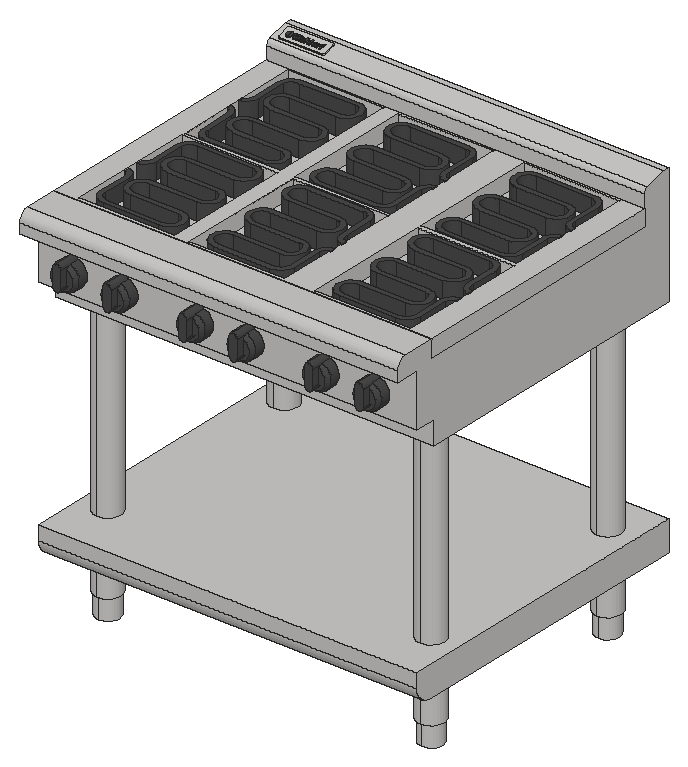
Revit family "QF_MOFFAT WALDORF_RNL8600E-LS", category Specialty Equipment, Revit 2012
Parameters
  Weight in Pounds = 297.6237
  Watts = 14400 W
  Volts = 415 V
  URL Cutsheet = "www.moffat.com"
  URL = "www.moffat.com"
  Type Mark [instance] = ""
  Status [instance] = ""
  Specification by User [instance] = ""
  Specification by Manufacturer = ""
  Show Logo [instance] = yes
  Show Casters [instance] = no
  Serial Number = ""
  Seismic Rating = ""
  SMACNA No = ""
  Revision Code [instance] = ""
  Phase = 3
  Omniclass Number and Title = ""
  Number of Poles = 1
  NAFEM Spec ID Number = ""
  Model = "RNL8600E-LS"
  Min Ckt Ampacity = 0 A
  Max Overcurrent Protection = 0 A
  Masterspec = ""
  Manufacturer = "MOFFAT WALDORF"
  Legs [instance] = not(Show Casters)  # yes
  Item Number [instance] = ""
  Installed By [instance] = ""
  Identify Quantity as Lot [instance] = yes
  HP = ""
  Furnished By [instance] = ""
  Foodservice Equipment Identifier [instance] = yes
  FL Amps = 20 A
  Elec Conn RI Height = 0.0 mm
  Elec Conn Connection Height = 0.0 mm
  Description = "COOK TOP LOW SPLASHBACK ELECTRIC ON LEG STAND"
  Cycle = 50 Hz
  Conn Plug = ""
  Conn Conduit = yes
  CSI MasterFormat = ""
  CSI Master Format = ""
  Base Height [instance] = 150.0 mm
  Apparent Power = if(Phase = 3, Volts * FL Amps * 1.73, Volts * FL Amps)  # 14359 VA
Reference planes
  plane 1 "BACK": y = 0
  plane 2: z = 0
  plane 3 "LEFT": x = 0
  plane 4 "RIGHT": x = 900
  plane 5 "FRONT": y = -805
  plane 6 "TOP": z = 970
  plane 7 "Center Y": x = 450
  plane 8 "Center X": y = -402.5
  plane 9 "Base Height": z = 150
  plane 10: z = 915
  plane 11: x = 65.8
Forms (mm)
  Extrusion 1, solid, material "QF_Finishes_Stainless Steel"
    sketch origin (0, 0, 0) x (0, 1, 0) y (0, 0, 1)
      loop
        line (-805, 891) -> (-805, 866) -> (-749, 866) -> (-749, 740) -> (-699, 740) -> (-699, 685) -> (0, 685) -> (0, 970) -> (-15, 970) -> (-61.106, 957.646)
        arc (-61.106, 957.646) -> (-67.52, 953.36) -> (-70, 946.055) r 12
        line (-70, 946.055) -> (-70, 875) -> (-705, 875) -> (-705, 915) -> (-781, 915)
        arc (-781, 915) -> (-797.971, 907.971) -> (-805, 891) r 24
      loop
        line (0, 222.5) -> (-749, 222.5) -> (-749, 188)
        arc (-749, 188) -> (-737.87, 161.13) -> (-711, 150) r 38
        line (-711, 150) -> (0, 150) -> (0, 222.5)
    from 0 to 900
  Revolve 2, solid, material "QF_Finishes_Black"
    sketch origin (210, 0, 759.877) x (0, -1, 0) y (0, 0, 1)
      loop
        line (782, 69.605) -> (759, 69.605) -> (759, 42.105) -> (749, 42.105) -> (749, 37.105) -> (793, 37.105) -> (793, 63.757) -> (782, 69.605)
      axis (793, 37.105) -> (749, 37.105)
    angle from 0 to 360
  Extrusion 3, solid, material "QF_Finishes_Black"
    sketch origin (-78.431, 0, 655.88) x (1, 0, 0) y (0, 0, 1)
      loop
        line (298.431, 129) -> (298.431, 167.997)
        arc (298.431, 167.997) -> (288.431, 177.997) -> (278.431, 167.997) r 10
        line (278.431, 167.997) -> (278.431, 129)
        arc (278.431, 129) -> (288.431, 119) -> (298.431, 129) r 10
    from 759 to 808
  Extrusion 4, void
    sketch origin (705, 3, 100) x (1, 0, 0) y (0, 1, 0)
      loop
        circle (65, -35) r 13.5
    from 610 to 570
  Revolve 5, solid, material "QF_Finishes_Black"
    sketch origin (89.999, 0, 759.75) x (0, 1, 0) y (0, 0, -1)
      loop
        line (-782, -69.5) -> (-759, -69.5) -> (-759, -42) -> (-749, -42) -> (-749, -37) -> (-793, -37) -> (-793, -63.651) -> (-782, -69.5)
      axis (-793, -37) -> (-749, -37)
    angle from 0 to 360
  Extrusion 6, solid, material "QF_Finishes_Black"
    sketch origin (228.269, 0, 759.908) x (-1, 0, 0) y (0, 0, -1)
      loop
        arc (148.269, -24.969) -> (138.269, -14.969) -> (128.269, -24.969) r 10
        line (128.269, -24.969) -> (128.269, -63.969)
        arc (128.269, -63.969) -> (138.269, -73.969) -> (148.269, -63.969) r 10
        line (148.269, -63.969) -> (148.269, -24.969)
    from 759 to 808
  Revolve 7, solid, material "QF_Finishes_Black"
    sketch origin (510, 0, 759.877) x (0, -1, 0) y (0, 0, 1)
      loop
        line (782, 69.605) -> (759, 69.605) -> (759, 42.105) -> (749, 42.105) -> (749, 37.105) -> (793, 37.105) -> (793, 63.757) -> (782, 69.605)
      axis (793, 37.105) -> (749, 37.105)
    angle from 0 to 360
  Extrusion 8, solid, material "QF_Finishes_Black"
    sketch origin (371.569, 0, 655.88) x (1, 0, 0) y (0, 0, 1)
      loop
        line (148.431, 129) -> (148.431, 167.997)
        arc (148.431, 167.997) -> (138.431, 177.997) -> (128.431, 167.997) r 10
        line (128.431, 167.997) -> (128.431, 129)
        arc (128.431, 129) -> (138.431, 119) -> (148.431, 129) r 10
    from 759 to 808
  Revolve 9, solid, material "QF_Finishes_Black"
    sketch origin (389.999, 0, 759.75) x (0, 1, 0) y (0, 0, -1)
      loop
        line (-782, -69.5) -> (-759, -69.5) -> (-759, -42) -> (-749, -42) -> (-749, -37) -> (-793, -37) -> (-793, -63.651) -> (-782, -69.5)
      axis (-793, -37) -> (-749, -37)
    angle from 0 to 360
  Extrusion 10, solid, material "QF_Finishes_Black"
    sketch origin (378.269, 0, 759.908) x (-1, 0, 0) y (0, 0, -1)
      loop
        arc (-1.731, -24.969) -> (-11.731, -14.969) -> (-21.731, -24.969) r 10
        line (-21.731, -24.969) -> (-21.731, -63.969)
        arc (-21.731, -63.969) -> (-11.731, -73.969) -> (-1.731, -63.969) r 10
        line (-1.731, -63.969) -> (-1.731, -24.969)
    from 759 to 808
  Revolve 11, solid, material "QF_Finishes_Black"
    sketch origin (810, 0, 759.877) x (0, -1, 0) y (0, 0, 1)
      loop
        line (782, 69.605) -> (759, 69.605) -> (759, 42.105) -> (749, 42.105) -> (749, 37.105) -> (793, 37.105) -> (793, 63.757) -> (782, 69.605)
      axis (793, 37.105) -> (749, 37.105)
    angle from 0 to 360
  Extrusion 12, solid, material "QF_Finishes_Black"
    sketch origin (671.569, 0, 655.88) x (1, 0, 0) y (0, 0, 1)
      loop
        line (148.431, 129) -> (148.431, 167.997)
        arc (148.431, 167.997) -> (138.431, 177.997) -> (128.431, 167.997) r 10
        line (128.431, 167.997) -> (128.431, 129)
        arc (128.431, 129) -> (138.431, 119) -> (148.431, 129) r 10
    from 759 to 808
  Revolve 13, solid, material "QF_Finishes_Black"
    sketch origin (689.999, 0, 759.75) x (0, 1, 0) y (0, 0, -1)
      loop
        line (-782, -69.5) -> (-759, -69.5) -> (-759, -42) -> (-749, -42) -> (-749, -37) -> (-793, -37) -> (-793, -63.651) -> (-782, -69.5)
      axis (-793, -37) -> (-749, -37)
    angle from 0 to 360
  Extrusion 14, solid, material "QF_Finishes_Black"
    sketch origin (678.269, 0, 759.908) x (-1, 0, 0) y (0, 0, -1)
      loop
        arc (-1.731, -24.969) -> (-11.731, -14.969) -> (-21.731, -24.969) r 10
        line (-21.731, -24.969) -> (-21.731, -63.969)
        arc (-21.731, -63.969) -> (-11.731, -73.969) -> (-1.731, -63.969) r 10
        line (-1.731, -63.969) -> (-1.731, -24.969)
    from 759 to 808
  Extrusion 15, solid, material "QF_Finishes_Stainless Steel"
    sketch origin (0, -77.318, 875) x (0, -1, 0) y (1, 0, 0)
      loop
        line (-6.318, 0) -> (627.682, 0) -> (627.682, 900) -> (-6.318, 900) -> (-6.318, 0)
      loop
        line (620.932, 54) -> (620.932, 282.75) -> (313.982, 282.75) -> (313.982, 54) -> (620.932, 54)
      loop
        line (-0.568, 54) -> (306.382, 54) -> (306.382, 282.75) -> (-0.568, 282.75) -> (-0.568, 54)
      loop
        line (-0.568, 317.25) -> (306.382, 317.25) -> (306.382, 546) -> (-0.568, 546) -> (-0.568, 317.25)
      loop
        line (620.932, 317.25) -> (620.932, 546) -> (313.982, 546) -> (313.982, 317.25) -> (620.932, 317.25)
      loop
        line (620.932, 846) -> (313.982, 846) -> (313.982, 617.25) -> (620.932, 617.25) -> (620.932, 846)
      loop
        line (-0.568, 846) -> (-0.568, 617.25) -> (306.382, 617.25) -> (306.382, 846) -> (-0.568, 846)
    from 0 to 40
  Extrusion 16, solid, material "QF_Finishes_Black"
    sketch origin (0, -77.318, 875) x (0, -1, 0) y (1, 0, 0)
      loop
        arc (13.186, 102.138) -> (21.947, 78.692) -> (44.714, 68.293) r 32.731
        line (44.714, 68.293) -> (115.973, 68.293)
        arc (115.973, 68.293) -> (127.597, 64.189) -> (134.535, 54) r 19.786
        line (134.535, 54) -> (146.838, 54)
        arc (146.838, 54) -> (136.19, 72.673) -> (116.093, 80.3) r 31.79
        line (116.093, 80.3) -> (44.955, 80.3)
        arc (44.955, 80.3) -> (30.607, 87.003) -> (25.182, 101.881) r 20.722
        line (25.182, 101.881) -> (25.182, 234.6)
        arc (25.182, 234.6) -> (46.882, 256.3) -> (68.582, 234.6) r 21.7
        line (68.582, 234.6) -> (68.582, 122)
        arc (68.582, 122) -> (102.282, 88.3) -> (135.982, 122) r 33.7
        line (135.982, 122) -> (135.982, 234.6)
        arc (135.982, 234.6) -> (157.682, 256.3) -> (179.382, 234.6) r 21.7
        line (179.382, 234.6) -> (179.382, 122)
        arc (179.382, 122) -> (213.082, 88.3) -> (246.782, 122) r 33.7
        line (246.782, 122) -> (246.782, 234.6)
        arc (246.782, 234.6) -> (268.482, 256.3) -> (290.182, 234.6) r 21.7
        line (290.182, 234.6) -> (290.182, 101.881)
        arc (290.182, 101.881) -> (284.758, 87.003) -> (270.41, 80.3) r 20.722
        line (270.41, 80.3) -> (199.266, 80.3)
        arc (199.266, 80.3) -> (179.15, 72.659) -> (168.432, 54) r 31.973
        line (168.432, 54) -> (180.746, 54)
        arc (180.746, 54) -> (187.746, 64.184) -> (199.399, 68.3) r 19.973
        line (199.399, 68.3) -> (270.649, 68.3)
        arc (270.649, 68.3) -> (293.407, 78.682) -> (302.182, 102.106) r 32.722
        line (302.182, 102.106) -> (302.182, 234.6)
        arc (302.182, 234.6) -> (268.482, 268.3) -> (234.782, 234.6) r 33.7
        line (234.782, 234.6) -> (234.782, 122)
        arc (234.782, 122) -> (213.082, 100.3) -> (191.382, 122) r 21.7
        line (191.382, 122) -> (191.382, 234.6)
        arc (191.382, 234.6) -> (157.682, 268.3) -> (123.982, 234.6) r 33.7
        line (123.982, 234.6) -> (123.982, 122)
        arc (123.982, 122) -> (102.282, 100.3) -> (80.582, 122) r 21.7
        line (80.582, 122) -> (80.582, 234.6)
        arc (80.582, 234.6) -> (46.884, 268.298) -> (13.186, 234.6) r 33.698
        line (13.186, 234.6) -> (13.186, 102.138)
      loop
        arc (318.186, 102.138) -> (326.947, 78.692) -> (349.714, 68.293) r 32.731
        line (349.714, 68.293) -> (420.973, 68.293)
        arc (420.973, 68.293) -> (432.597, 64.189) -> (439.535, 54) r 19.786
        line (439.535, 54) -> (451.838, 54)
        arc (451.838, 54) -> (441.19, 72.673) -> (421.093, 80.3) r 31.79
        line (421.093, 80.3) -> (349.955, 80.3)
        arc (349.955, 80.3) -> (335.607, 87.003) -> (330.182, 101.881) r 20.722
        line (330.182, 101.881) -> (330.182, 234.6)
        arc (330.182, 234.6) -> (351.882, 256.3) -> (373.582, 234.6) r 21.7
        line (373.582, 234.6) -> (373.582, 122)
        arc (373.582, 122) -> (407.282, 88.3) -> (440.982, 122) r 33.7
        line (440.982, 122) -> (440.982, 234.6)
        arc (440.982, 234.6) -> (462.682, 256.3) -> (484.382, 234.6) r 21.7
        line (484.382, 234.6) -> (484.382, 122)
        arc (484.382, 122) -> (518.082, 88.3) -> (551.782, 122) r 33.7
        line (551.782, 122) -> (551.782, 234.6)
        arc (551.782, 234.6) -> (573.482, 256.3) -> (595.182, 234.6) r 21.7
        line (595.182, 234.6) -> (595.182, 101.881)
        arc (595.182, 101.881) -> (589.758, 87.003) -> (575.41, 80.3) r 20.722
        line (575.41, 80.3) -> (504.266, 80.3)
        arc (504.266, 80.3) -> (484.15, 72.659) -> (473.432, 54) r 31.973
        line (473.432, 54) -> (485.746, 54)
        arc (485.746, 54) -> (492.746, 64.184) -> (504.399, 68.3) r 19.973
        line (504.399, 68.3) -> (575.649, 68.3)
        arc (575.649, 68.3) -> (598.407, 78.682) -> (607.182, 102.106) r 32.722
        line (607.182, 102.106) -> (607.182, 234.6)
        arc (607.182, 234.6) -> (573.482, 268.3) -> (539.782, 234.6) r 33.7
        line (539.782, 234.6) -> (539.782, 122)
        arc (539.782, 122) -> (518.082, 100.3) -> (496.382, 122) r 21.7
        line (496.382, 122) -> (496.382, 234.6)
        arc (496.382, 234.6) -> (462.682, 268.3) -> (428.982, 234.6) r 33.7
        line (428.982, 234.6) -> (428.982, 122)
        arc (428.982, 122) -> (407.282, 100.3) -> (385.582, 122) r 21.7
        line (385.582, 122) -> (385.582, 234.6)
        arc (385.582, 234.6) -> (351.884, 268.298) -> (318.186, 234.6) r 33.698
        line (318.186, 234.6) -> (318.186, 102.138)
      loop
        line (13.186, 497.862) -> (13.186, 365.4)
        arc (13.186, 365.4) -> (46.884, 331.702) -> (80.582, 365.4) r 33.698
        line (80.582, 365.4) -> (80.582, 478)
        arc (80.582, 478) -> (102.282, 499.7) -> (123.982, 478) r 21.7
        line (123.982, 478) -> (123.982, 365.4)
        arc (123.982, 365.4) -> (157.682, 331.7) -> (191.382, 365.4) r 33.7
        line (191.382, 365.4) -> (191.382, 478)
        arc (191.382, 478) -> (213.082, 499.7) -> (234.782, 478) r 21.7
        line (234.782, 478) -> (234.782, 365.4)
        arc (234.782, 365.4) -> (268.482, 331.7) -> (302.182, 365.4) r 33.7
        line (302.182, 365.4) -> (302.182, 497.894)
        arc (302.182, 497.894) -> (293.407, 521.318) -> (270.649, 531.7) r 32.722
        line (270.649, 531.7) -> (199.399, 531.7)
        arc (199.399, 531.7) -> (187.746, 535.816) -> (180.746, 546) r 19.973
        line (180.746, 546) -> (168.432, 546)
        arc (168.432, 546) -> (179.15, 527.341) -> (199.266, 519.7) r 31.973
        line (199.266, 519.7) -> (270.41, 519.7)
        arc (270.41, 519.7) -> (284.758, 512.997) -> (290.182, 498.119) r 20.722
        line (290.182, 498.119) -> (290.182, 365.4)
        arc (290.182, 365.4) -> (268.482, 343.7) -> (246.782, 365.4) r 21.7
        line (246.782, 365.4) -> (246.782, 478)
        arc (246.782, 478) -> (213.082, 511.7) -> (179.382, 478) r 33.7
        line (179.382, 478) -> (179.382, 365.4)
        arc (179.382, 365.4) -> (157.682, 343.7) -> (135.982, 365.4) r 21.7
        line (135.982, 365.4) -> (135.982, 478)
        arc (135.982, 478) -> (102.282, 511.7) -> (68.582, 478) r 33.7
        line (68.582, 478) -> (68.582, 365.4)
        arc (68.582, 365.4) -> (46.882, 343.7) -> (25.182, 365.4) r 21.7
        line (25.182, 365.4) -> (25.182, 498.119)
        arc (25.182, 498.119) -> (30.607, 512.997) -> (44.955, 519.7) r 20.722
        line (44.955, 519.7) -> (116.093, 519.7)
        arc (116.093, 519.7) -> (136.19, 527.327) -> (146.838, 546) r 31.79
        line (146.838, 546) -> (134.535, 546)
        arc (134.535, 546) -> (127.597, 535.811) -> (115.973, 531.707) r 19.786
        line (115.973, 531.707) -> (44.714, 531.707)
        arc (44.714, 531.707) -> (21.947, 521.308) -> (13.186, 497.862) r 32.731
      loop
        line (318.186, 497.862) -> (318.186, 365.4)
        arc (318.186, 365.4) -> (351.884, 331.702) -> (385.582, 365.4) r 33.698
        line (385.582, 365.4) -> (385.582, 478)
        arc (385.582, 478) -> (407.282, 499.7) -> (428.982, 478) r 21.7
        line (428.982, 478) -> (428.982, 365.4)
        arc (428.982, 365.4) -> (462.682, 331.7) -> (496.382, 365.4) r 33.7
        line (496.382, 365.4) -> (496.382, 478)
        arc (496.382, 478) -> (518.082, 499.7) -> (539.782, 478) r 21.7
        line (539.782, 478) -> (539.782, 365.4)
        arc (539.782, 365.4) -> (573.482, 331.7) -> (607.182, 365.4) r 33.7
        line (607.182, 365.4) -> (607.182, 497.894)
        arc (607.182, 497.894) -> (598.407, 521.318) -> (575.649, 531.7) r 32.722
        line (575.649, 531.7) -> (504.399, 531.7)
        arc (504.399, 531.7) -> (492.746, 535.816) -> (485.746, 546) r 19.973
        line (485.746, 546) -> (473.432, 546)
        arc (473.432, 546) -> (484.15, 527.341) -> (504.266, 519.7) r 31.973
        line (504.266, 519.7) -> (575.41, 519.7)
        arc (575.41, 519.7) -> (589.758, 512.997) -> (595.182, 498.119) r 20.722
        line (595.182, 498.119) -> (595.182, 365.4)
        arc (595.182, 365.4) -> (573.482, 343.7) -> (551.782, 365.4) r 21.7
        line (551.782, 365.4) -> (551.782, 478)
        arc (551.782, 478) -> (518.082, 511.7) -> (484.382, 478) r 33.7
        line (484.382, 478) -> (484.382, 365.4)
        arc (484.382, 365.4) -> (462.682, 343.7) -> (440.982, 365.4) r 21.7
        line (440.982, 365.4) -> (440.982, 478)
        arc (440.982, 478) -> (407.282, 511.7) -> (373.582, 478) r 33.7
        line (373.582, 478) -> (373.582, 365.4)
        arc (373.582, 365.4) -> (351.882, 343.7) -> (330.182, 365.4) r 21.7
        line (330.182, 365.4) -> (330.182, 498.119)
        arc (330.182, 498.119) -> (335.607, 512.997) -> (349.955, 519.7) r 20.722
        line (349.955, 519.7) -> (421.093, 519.7)
        arc (421.093, 519.7) -> (441.19, 527.327) -> (451.838, 546) r 31.79
        line (451.838, 546) -> (439.535, 546)
        arc (439.535, 546) -> (432.597, 535.811) -> (420.973, 531.707) r 19.786
        line (420.973, 531.707) -> (349.714, 531.707)
        arc (349.714, 531.707) -> (326.947, 521.308) -> (318.186, 497.862) r 32.731
      loop
        line (13.186, 797.862) -> (13.186, 665.4)
        arc (13.186, 665.4) -> (46.884, 631.702) -> (80.582, 665.4) r 33.698
        line (80.582, 665.4) -> (80.582, 778)
        arc (80.582, 778) -> (102.282, 799.7) -> (123.982, 778) r 21.7
        line (123.982, 778) -> (123.982, 665.4)
        arc (123.982, 665.4) -> (157.682, 631.7) -> (191.382, 665.4) r 33.7
        line (191.382, 665.4) -> (191.382, 778)
        arc (191.382, 778) -> (213.082, 799.7) -> (234.782, 778) r 21.7
        line (234.782, 778) -> (234.782, 665.4)
        arc (234.782, 665.4) -> (268.482, 631.7) -> (302.182, 665.4) r 33.7
        line (302.182, 665.4) -> (302.182, 797.894)
        arc (302.182, 797.894) -> (293.407, 821.318) -> (270.649, 831.7) r 32.722
        line (270.649, 831.7) -> (199.399, 831.7)
        arc (199.399, 831.7) -> (187.746, 835.816) -> (180.746, 846) r 19.973
        line (180.746, 846) -> (168.432, 846)
        arc (168.432, 846) -> (179.15, 827.341) -> (199.266, 819.7) r 31.973
        line (199.266, 819.7) -> (270.41, 819.7)
        arc (270.41, 819.7) -> (284.758, 812.997) -> (290.182, 798.119) r 20.722
        line (290.182, 798.119) -> (290.182, 665.4)
        arc (290.182, 665.4) -> (268.482, 643.7) -> (246.782, 665.4) r 21.7
        line (246.782, 665.4) -> (246.782, 778)
        arc (246.782, 778) -> (213.082, 811.7) -> (179.382, 778) r 33.7
        line (179.382, 778) -> (179.382, 665.4)
        arc (179.382, 665.4) -> (157.682, 643.7) -> (135.982, 665.4) r 21.7
        line (135.982, 665.4) -> (135.982, 778)
        arc (135.982, 778) -> (102.282, 811.7) -> (68.582, 778) r 33.7
        line (68.582, 778) -> (68.582, 665.4)
        arc (68.582, 665.4) -> (46.882, 643.7) -> (25.182, 665.4) r 21.7
        line (25.182, 665.4) -> (25.182, 798.119)
        arc (25.182, 798.119) -> (30.607, 812.997) -> (44.955, 819.7) r 20.722
        line (44.955, 819.7) -> (116.093, 819.7)
        arc (116.093, 819.7) -> (136.19, 827.327) -> (146.838, 846) r 31.79
        line (146.838, 846) -> (134.535, 846)
        arc (134.535, 846) -> (127.597, 835.811) -> (115.973, 831.707) r 19.786
        line (115.973, 831.707) -> (44.714, 831.707)
        arc (44.714, 831.707) -> (21.947, 821.308) -> (13.186, 797.862) r 32.731
      loop
        line (318.186, 797.862) -> (318.186, 665.4)
        arc (318.186, 665.4) -> (351.884, 631.702) -> (385.582, 665.4) r 33.698
        line (385.582, 665.4) -> (385.582, 778)
        arc (385.582, 778) -> (407.282, 799.7) -> (428.982, 778) r 21.7
        line (428.982, 778) -> (428.982, 665.4)
        arc (428.982, 665.4) -> (462.682, 631.7) -> (496.382, 665.4) r 33.7
        line (496.382, 665.4) -> (496.382, 778)
        arc (496.382, 778) -> (518.082, 799.7) -> (539.782, 778) r 21.7
        line (539.782, 778) -> (539.782, 665.4)
        arc (539.782, 665.4) -> (573.482, 631.7) -> (607.182, 665.4) r 33.7
        line (607.182, 665.4) -> (607.182, 797.894)
        arc (607.182, 797.894) -> (598.407, 821.318) -> (575.649, 831.7) r 32.722
        line (575.649, 831.7) -> (504.399, 831.7)
        arc (504.399, 831.7) -> (492.746, 835.816) -> (485.746, 846) r 19.973
        line (485.746, 846) -> (473.432, 846)
        arc (473.432, 846) -> (484.15, 827.341) -> (504.266, 819.7) r 31.973
        line (504.266, 819.7) -> (575.41, 819.7)
        arc (575.41, 819.7) -> (589.758, 812.997) -> (595.182, 798.119) r 20.722
        line (595.182, 798.119) -> (595.182, 665.4)
        arc (595.182, 665.4) -> (573.482, 643.7) -> (551.782, 665.4) r 21.7
        line (551.782, 665.4) -> (551.782, 778)
        arc (551.782, 778) -> (518.082, 811.7) -> (484.382, 778) r 33.7
        line (484.382, 778) -> (484.382, 665.4)
        arc (484.382, 665.4) -> (462.682, 643.7) -> (440.982, 665.4) r 21.7
        line (440.982, 665.4) -> (440.982, 778)
        arc (440.982, 778) -> (407.282, 811.7) -> (373.582, 778) r 33.7
        line (373.582, 778) -> (373.582, 665.4)
        arc (373.582, 665.4) -> (351.882, 643.7) -> (330.182, 665.4) r 21.7
        line (330.182, 665.4) -> (330.182, 798.119)
        arc (330.182, 798.119) -> (335.607, 812.997) -> (349.955, 819.7) r 20.722
        line (349.955, 819.7) -> (421.093, 819.7)
        arc (421.093, 819.7) -> (441.19, 827.327) -> (451.838, 846) r 31.79
        line (451.838, 846) -> (439.535, 846)
        arc (439.535, 846) -> (432.597, 835.811) -> (420.973, 831.707) r 19.786
        line (420.973, 831.707) -> (349.714, 831.707)
        arc (349.714, 831.707) -> (326.947, 821.308) -> (318.186, 797.862) r 32.731
    from 0 to 40
  Revolve 17, solid, material "QF_Finishes_Stainless Steel", visible <- "Legs"
    sketch origin (65, -165, 0) x (0, 1, 0) y (0, 0, 1)
      loop
        line (33.25, 150) -> (33.25, 50) -> (37.5, 50) -> (37.5, 0) -> (65, 0) -> (65, 150) -> (33.25, 150)
      axis (65, 150) -> (65, 0)
    angle from 0 to 360
  Revolve 18, solid, material "QF_Finishes_Stainless Steel"
    sketch origin (65, -735, 0) x (0, 1, 0) y (0, 0, 1)
      loop
        line (78.25, 150) -> (78.25, 50) -> (82.5, 50) -> (82.5, 0) -> (110, 0) -> (110, 150) -> (78.25, 150)
      axis (110, 150) -> (110, 0)
    angle from 0 to 360
  Revolve 19, solid, material "QF_Finishes_Stainless Steel", visible <- "Legs"
    sketch origin (835, -165, 0) x (0, 1, 0) y (0, 0, -1)
      loop
        line (33.25, -150) -> (65, -150) -> (65, 0) -> (37.5, 0) -> (37.5, -50) -> (33.25, -50) -> (33.25, -150)
      axis (65, -150) -> (65, 0)
    angle from 0 to 360
  Revolve 20, solid, material "QF_Finishes_Stainless Steel"
    sketch origin (835, -735, 0) x (0, 1, 0) y (0, 0, -1)
      loop
        line (78.25, -150) -> (110, -150) -> (110, 0) -> (82.5, 0) -> (82.5, -50) -> (78.25, -50) -> (78.25, -150)
      axis (110, -150) -> (110, 0)
    angle from 0 to 360
  Extrusion 21, solid, material "QF_Finishes_Stainless Steel"
    sketch origin (0, 0, 222.5) x (0, -1, 0) y (1, 0, 0)
      loop
        circle (100, 65) r 31.75
      loop
        circle (100, 835) r 31.75
      loop
        circle (625, 65) r 31.75
      loop
        circle (625, 835) r 31.75
    from 0 to 462.5
Cuts and joins
  Extrusion 4 cuts Extrusion 1
Lines and regions (mm)
  Split face 1
    outline origin (49.063, -19.972, 968.668) x (0, -0.965926, -0.258819) y (1, 0, 0)
      loop
        line (0.03, 105.5) -> (33.432, 105.5) -> (33.432, 125.5) -> (0.03, 125.5) -> (0.03, 105.5)
  Split face 2
    outline origin (99.063, -19.972, 968.668) x (0, -0.965926, -0.258819) y (1, 0, 0)
      loop
        line (0.03, 105.5) -> (33.432, 105.5) -> (33.432, 125.5) -> (0.03, 125.5) -> (0.03, 105.5)
  Split face 3
    outline origin (149.063, -19.972, 968.668) x (0, -0.965926, -0.258819) y (1, 0, 0)
      loop
        line (0.03, 105.5) -> (33.432, 105.5) -> (33.432, 125.5) -> (0.03, 125.5) -> (0.03, 105.5)
  Split face 4
    outline origin (199.063, -19.972, 968.668) x (0, -0.965926, -0.258819) y (1, 0, 0)
      loop
        line (0.03, 105.5) -> (33.432, 105.5) -> (33.432, 125.5) -> (0.03, 125.5) -> (0.03, 105.5)
  Split face 5
    outline origin (249.063, -19.972, 968.668) x (0, -0.965926, -0.258819) y (1, 0, 0)
      loop
        line (0.03, 105.5) -> (33.432, 105.5) -> (33.432, 125.5) -> (0.03, 125.5) -> (0.03, 105.5)
  Split face 6
    outline origin (299.063, -19.972, 968.668) x (0, -0.965926, -0.258819) y (1, 0, 0)
      loop
        line (0.03, 105.5) -> (33.432, 105.5) -> (33.432, 125.5) -> (0.03, 125.5) -> (0.03, 105.5)
  Split face 7
    outline origin (349.063, -19.972, 968.668) x (0, -0.965926, -0.258819) y (1, 0, 0)
      loop
        line (0.03, 105.5) -> (33.432, 105.5) -> (33.432, 125.5) -> (0.03, 125.5) -> (0.03, 105.5)
  Split face 8
    outline origin (399.062, -19.972, 968.668) x (0, -0.965926, -0.258819) y (1, 0, 0)
      loop
        line (0.03, 105.5) -> (33.432, 105.5) -> (33.432, 125.5) -> (0.03, 125.5) -> (0.03, 105.5)
  Split face 9
    outline origin (449.062, -19.972, 968.668) x (0, -0.965926, -0.258819) y (1, 0, 0)
      loop
        line (0.03, 105.5) -> (33.432, 105.5) -> (33.432, 125.5) -> (0.03, 125.5) -> (0.03, 105.5)
  Split face 10
    outline origin (499.063, -19.972, 968.668) x (0, -0.965926, -0.258819) y (1, 0, 0)
      loop
        line (0.03, 105.5) -> (33.432, 105.5) -> (33.432, 125.5) -> (0.03, 125.5) -> (0.03, 105.5)
  Split face 11
    outline origin (549.062, -19.972, 968.668) x (0, -0.965926, -0.258819) y (1, 0, 0)
      loop
        line (0.03, 105.5) -> (33.432, 105.5) -> (33.432, 125.5) -> (0.03, 125.5) -> (0.03, 105.5)
  Split face 12
    outline origin (599.062, -19.972, 968.668) x (0, -0.965926, -0.258819) y (1, 0, 0)
      loop
        line (0.03, 105.5) -> (33.432, 105.5) -> (33.432, 125.5) -> (0.03, 125.5) -> (0.03, 105.5)
  symbolic lines, visible <- "Show Logo"
    curve 1: line (12.5, -52.06, 0) -> (12.5, -21.099, 0)
    curve 2: line (121.5, -21.099, 0) -> (121.5, -52.06, 0)
    curve 3: line (12.5, -21.099, 0) -> (121.5, -21.099, 0)
    curve 4: line (12.5, -52.06, 0) -> (121.5, -52.06, 0)
  symbolic lines
    curve 5: line (154.563, -50.782, 0) -> (154.563, -20.984, 0)
    curve 6: line (154.563, -20.984, 0) -> (174.562, -20.984, 0)
    curve 7: line (174.562, -20.984, 0) -> (174.562, -50.782, 0)
    curve 8: line (174.562, -50.782, 0) -> (154.563, -50.782, 0)
    curve 9: line (204.563, -20.984, 0) -> (204.563, -50.782, 0)
    curve 10: line (204.563, -50.782, 0) -> (224.562, -50.782, 0)
    curve 11: line (224.562, -50.782, 0) -> (224.562, -20.984, 0)
    curve 12: line (224.562, -20.984, 0) -> (204.563, -20.984, 0)
    curve 13: line (254.563, -20.984, 0) -> (254.563, -50.782, 0)
    curve 14: line (254.563, -50.782, 0) -> (274.562, -50.782, 0)
    curve 15: line (274.562, -50.782, 0) -> (274.562, -20.984, 0)
    curve 16: line (274.562, -20.984, 0) -> (254.563, -20.984, 0)
    curve 17: line (304.563, -20.984, 0) -> (304.563, -50.782, 0)
    curve 18: line (304.563, -50.782, 0) -> (324.563, -50.782, 0)
    curve 19: line (324.563, -50.782, 0) -> (324.563, -20.984, 0)
    curve 20: line (324.563, -20.984, 0) -> (304.563, -20.984, 0)
    curve 21: line (354.563, -20.984, 0) -> (354.563, -50.782, 0)
    curve 22: line (354.563, -50.782, 0) -> (374.563, -50.782, 0)
    curve 23: line (374.563, -50.782, 0) -> (374.563, -20.984, 0)
    curve 24: line (374.563, -20.984, 0) -> (354.563, -20.984, 0)
    curve 25: line (404.563, -50.782, 0) -> (404.563, -20.984, 0)
    curve 26: line (404.563, -20.984, 0) -> (424.563, -20.984, 0)
    curve 27: line (424.563, -20.984, 0) -> (424.563, -50.782, 0)
    curve 28: line (424.563, -50.782, 0) -> (404.563, -50.782, 0)
    curve 29: line (454.563, -50.782, 0) -> (454.563, -20.984, 0)
    curve 30: line (454.563, -20.984, 0) -> (474.563, -20.984, 0)
    curve 31: line (474.563, -20.984, 0) -> (474.563, -50.782, 0)
    curve 32: line (474.563, -50.782, 0) -> (454.563, -50.782, 0)
    curve 33: line (504.563, -20.984, 0) -> (504.563, -50.782, 0)
    curve 34: line (504.563, -50.782, 0) -> (524.563, -50.782, 0)
    curve 35: line (524.563, -50.782, 0) -> (524.563, -20.984, 0)
    curve 36: line (524.563, -20.984, 0) -> (504.563, -20.984, 0)
    curve 37: line (554.563, -50.782, 0) -> (554.563, -20.984, 0)
    curve 38: line (554.563, -20.984, 0) -> (574.563, -20.984, 0)
    curve 39: line (574.563, -20.984, 0) -> (574.563, -50.782, 0)
    curve 40: line (574.563, -50.782, 0) -> (554.563, -50.782, 0)
    curve 41: line (604.563, -50.782, 0) -> (604.563, -20.984, 0)
    curve 42: line (604.563, -20.984, 0) -> (624.563, -20.984, 0)
    curve 43: line (624.563, -20.984, 0) -> (624.563, -50.782, 0)
    curve 44: line (624.563, -50.782, 0) -> (604.563, -50.782, 0)
    curve 45: line (654.563, -50.782, 0) -> (654.563, -20.984, 0)
    curve 46: line (654.563, -20.984, 0) -> (674.563, -20.984, 0)
    curve 47: line (674.563, -20.984, 0) -> (674.563, -50.782, 0)
    curve 48: line (674.563, -50.782, 0) -> (654.563, -50.782, 0)
    curve 49: line (724.563, -50.782, 0) -> (704.563, -50.782, 0)
    curve 50: line (704.563, -50.782, 0) -> (704.563, -20.984, 0)
    curve 51: line (704.563, -20.984, 0) -> (724.563, -20.984, 0)
    curve 52: line (724.563, -20.984, 0) -> (724.563, -50.782, 0)
    curve 53: line (0, -805, 0) -> (900, -805, 0)
    curve 54: line (0, 0, 0) -> (0, -805, 0)
    curve 55: line (900, -805, 0) -> (900, 0, 0)
    curve 56: line (900, 0, 0) -> (0, 0, 0)
    curve 57: line (0, -70, 0) -> (900, -70, 0)
    curve 58: line (900, -705, 0) -> (0, -705, 0)
    curve 59: arc (54, -218.043, 0) -> (68.436, -209.222, 0) -> (74.3, -193.354, 0) r 25.79
    curve 60: line (74.3, -193.354, 0) -> (74.3, -122.146, 0)
    curve 61: arc (74.3, -122.146, 0) -> (82.847, -103.595, 0) -> (102, -96.5, 0) r 26.722
    curve 62: line (102, -96.5, 0) -> (234.6, -96.5, 0)
    curve 63: arc (234.6, -96.5, 0) -> (262.3, -124.2, 0) -> (234.6, -151.9, 0) r 27.7
    curve 64: line (234.6, -151.9, 0) -> (122, -151.9, 0)
    curve 65: arc (122, -151.9, 0) -> (94.3, -179.6, 0) -> (122, -207.3, 0) r 27.7
    curve 66: line (122, -207.3, 0) -> (234.6, -207.3, 0)
    curve 67: arc (234.6, -207.3, 0) -> (262.3, -235, 0) -> (234.6, -262.7, 0) r 27.7
    curve 68: line (234.6, -262.7, 0) -> (122, -262.7, 0)
    curve 69: arc (122, -262.7, 0) -> (94.3, -290.4, 0) -> (122, -318.1, 0) r 27.7
    curve 70: line (122, -318.1, 0) -> (234.6, -318.1, 0)
    curve 71: arc (234.6, -318.1, 0) -> (262.3, -345.8, 0) -> (234.6, -373.5, 0) r 27.7
    curve 72: line (234.6, -373.5, 0) -> (102, -373.5, 0)
    curve 73: arc (102, -373.5, 0) -> (82.847, -366.405, 0) -> (74.3, -347.854, 0) r 26.722
    curve 74: line (74.3, -347.854, 0) -> (74.3, -276.646, 0)
    curve 75: arc (74.3, -276.646, 0) -> (68.424, -260.755, 0) -> (54, -251.869, 0) r 25.973
    curve 76: arc (54, -523.043, 0) -> (68.436, -514.222, 0) -> (74.3, -498.354, 0) r 25.79
    curve 77: line (74.3, -498.354, 0) -> (74.3, -427.146, 0)
    curve 78: arc (74.3, -427.146, 0) -> (82.847, -408.595, 0) -> (102, -401.5, 0) r 26.722
    curve 79: line (102, -401.5, 0) -> (234.6, -401.5, 0)
    curve 80: arc (234.6, -401.5, 0) -> (262.3, -429.2, 0) -> (234.6, -456.9, 0) r 27.7
    curve 81: line (234.6, -456.9, 0) -> (122, -456.9, 0)
    curve 82: arc (122, -456.9, 0) -> (94.3, -484.6, 0) -> (122, -512.3, 0) r 27.7
    curve 83: line (122, -512.3, 0) -> (234.6, -512.3, 0)
    curve 84: arc (234.6, -512.3, 0) -> (262.3, -540, 0) -> (234.6, -567.7, 0) r 27.7
    curve 85: line (234.6, -567.7, 0) -> (122, -567.7, 0)
    curve 86: arc (122, -567.7, 0) -> (94.3, -595.4, 0) -> (122, -623.1, 0) r 27.7
    curve 87: line (122, -623.1, 0) -> (234.6, -623.1, 0)
    curve 88: arc (234.6, -623.1, 0) -> (262.3, -650.8, 0) -> (234.6, -678.5, 0) r 27.7
    curve 89: line (234.6, -678.5, 0) -> (102, -678.5, 0)
    curve 90: arc (102, -678.5, 0) -> (82.847, -671.405, 0) -> (74.3, -652.854, 0) r 26.722
    curve 91: line (74.3, -652.854, 0) -> (74.3, -581.646, 0)
    curve 92: arc (74.3, -581.646, 0) -> (68.424, -565.755, 0) -> (54, -556.869, 0) r 25.973
    curve 93: arc (545.338, -218.043, 0) -> (530.902, -209.222, 0) -> (525.038, -193.354, 0) r 25.79
    curve 94: line (525.038, -193.354, 0) -> (525.038, -122.146, 0)
    curve 95: arc (525.038, -122.146, 0) -> (516.491, -103.595, 0) -> (497.338, -96.5, 0) r 26.722
    curve 96: line (497.338, -96.5, 0) -> (364.738, -96.5, 0)
    curve 97: arc (364.738, -96.5, 0) -> (337.038, -124.2, 0) -> (364.738, -151.9, 0) r 27.7
    curve 98: line (364.738, -151.9, 0) -> (477.338, -151.9, 0)
    curve 99: arc (477.338, -151.9, 0) -> (505.038, -179.6, 0) -> (477.338, -207.3, 0) r 27.7
    curve 100: line (477.338, -207.3, 0) -> (364.738, -207.3, 0)
    curve 101: arc (364.738, -207.3, 0) -> (337.038, -235, 0) -> (364.738, -262.7, 0) r 27.7
    curve 102: line (364.738, -262.7, 0) -> (477.338, -262.7, 0)
    curve 103: arc (477.338, -262.7, 0) -> (505.038, -290.4, 0) -> (477.338, -318.1, 0) r 27.7
    curve 104: line (477.338, -318.1, 0) -> (364.738, -318.1, 0)
    curve 105: arc (364.738, -318.1, 0) -> (337.038, -345.8, 0) -> (364.738, -373.5, 0) r 27.7
    curve 106: line (364.738, -373.5, 0) -> (497.338, -373.5, 0)
    curve 107: arc (497.338, -373.5, 0) -> (516.491, -366.405, 0) -> (525.038, -347.854, 0) r 26.722
    curve 108: line (525.038, -347.854, 0) -> (525.038, -276.646, 0)
    curve 109: arc (525.038, -276.646, 0) -> (530.914, -260.755, 0) -> (545.338, -251.869, 0) r 25.973
    curve 110: arc (545.338, -523.043, 0) -> (530.902, -514.222, 0) -> (525.038, -498.354, 0) r 25.79
    curve 111: line (525.038, -498.354, 0) -> (525.038, -427.146, 0)
    curve 112: arc (525.038, -427.146, 0) -> (516.491, -408.595, 0) -> (497.338, -401.5, 0) r 26.722
    curve 113: line (497.338, -401.5, 0) -> (364.738, -401.5, 0)
    curve 114: arc (364.738, -401.5, 0) -> (337.038, -429.2, 0) -> (364.738, -456.9, 0) r 27.7
    curve 115: line (364.738, -456.9, 0) -> (477.338, -456.9, 0)
    curve 116: arc (477.338, -456.9, 0) -> (505.038, -484.6, 0) -> (477.338, -512.3, 0) r 27.7
    curve 117: line (477.338, -512.3, 0) -> (364.738, -512.3, 0)
    curve 118: arc (364.738, -512.3, 0) -> (337.038, -540, 0) -> (364.738, -567.7, 0) r 27.7
    curve 119: line (364.738, -567.7, 0) -> (477.338, -567.7, 0)
    curve 120: arc (477.338, -567.7, 0) -> (505.038, -595.4, 0) -> (477.338, -623.1, 0) r 27.7
    curve 121: line (477.338, -623.1, 0) -> (364.738, -623.1, 0)
    curve 122: arc (364.738, -623.1, 0) -> (337.038, -650.8, 0) -> (364.738, -678.5, 0) r 27.7
    curve 123: line (364.738, -678.5, 0) -> (497.338, -678.5, 0)
    curve 124: arc (497.338, -678.5, 0) -> (516.491, -671.405, 0) -> (525.038, -652.854, 0) r 26.722
    curve 125: line (525.038, -652.854, 0) -> (525.038, -581.646, 0)
    curve 126: arc (525.038, -581.646, 0) -> (530.914, -565.755, 0) -> (545.338, -556.869, 0) r 25.973
    curve 127: arc (845.338, -218.043, 0) -> (830.902, -209.222, 0) -> (825.038, -193.354, 0) r 25.79
    curve 128: line (825.038, -193.354, 0) -> (825.038, -122.146, 0)
    curve 129: arc (825.038, -122.146, 0) -> (816.491, -103.595, 0) -> (797.338, -96.5, 0) r 26.722
    curve 130: line (797.338, -96.5, 0) -> (664.738, -96.5, 0)
    curve 131: arc (664.738, -96.5, 0) -> (637.038, -124.2, 0) -> (664.738, -151.9, 0) r 27.7
    curve 132: line (664.738, -151.9, 0) -> (777.338, -151.9, 0)
    curve 133: arc (777.338, -151.9, 0) -> (805.038, -179.6, 0) -> (777.338, -207.3, 0) r 27.7
    curve 134: line (777.338, -207.3, 0) -> (664.738, -207.3, 0)
    curve 135: arc (664.738, -207.3, 0) -> (637.038, -235, 0) -> (664.738, -262.7, 0) r 27.7
    curve 136: line (664.738, -262.7, 0) -> (777.338, -262.7, 0)
    curve 137: arc (777.338, -262.7, 0) -> (805.038, -290.4, 0) -> (777.338, -318.1, 0) r 27.7
    curve 138: line (777.338, -318.1, 0) -> (664.738, -318.1, 0)
    curve 139: arc (664.738, -318.1, 0) -> (637.038, -345.8, 0) -> (664.738, -373.5, 0) r 27.7
    curve 140: line (664.738, -373.5, 0) -> (797.338, -373.5, 0)
    curve 141: arc (797.338, -373.5, 0) -> (816.491, -366.405, 0) -> (825.038, -347.854, 0) r 26.722
    curve 142: line (825.038, -347.854, 0) -> (825.038, -276.646, 0)
    curve 143: arc (825.038, -276.646, 0) -> (830.914, -260.755, 0) -> (845.338, -251.869, 0) r 25.973
    curve 144: arc (845.338, -523.043, 0) -> (830.902, -514.222, 0) -> (825.038, -498.354, 0) r 25.79
    curve 145: line (825.038, -498.354, 0) -> (825.038, -427.146, 0)
    curve 146: arc (825.038, -427.146, 0) -> (816.491, -408.595, 0) -> (797.338, -401.5, 0) r 26.722
    curve 147: line (797.338, -401.5, 0) -> (664.738, -401.5, 0)
    curve 148: arc (664.738, -401.5, 0) -> (637.038, -429.2, 0) -> (664.738, -456.9, 0) r 27.7
    curve 149: line (664.738, -456.9, 0) -> (777.338, -456.9, 0)
    curve 150: arc (777.338, -456.9, 0) -> (805.038, -484.6, 0) -> (777.338, -512.3, 0) r 27.7
    curve 151: line (777.338, -512.3, 0) -> (664.738, -512.3, 0)
    curve 152: arc (664.738, -512.3, 0) -> (637.038, -540, 0) -> (664.738, -567.7, 0) r 27.7
    curve 153: line (664.738, -567.7, 0) -> (777.338, -567.7, 0)
    curve 154: arc (777.338, -567.7, 0) -> (805.038, -595.4, 0) -> (777.338, -623.1, 0) r 27.7
    curve 155: line (777.338, -623.1, 0) -> (664.738, -623.1, 0)
    curve 156: arc (664.738, -623.1, 0) -> (637.038, -650.8, 0) -> (664.738, -678.5, 0) r 27.7
    curve 157: line (664.738, -678.5, 0) -> (797.338, -678.5, 0)
    curve 158: arc (797.338, -678.5, 0) -> (816.491, -671.405, 0) -> (825.038, -652.854, 0) r 26.722
    curve 159: line (825.038, -652.854, 0) -> (825.038, -581.646, 0)
    curve 160: arc (825.038, -581.646, 0) -> (830.914, -565.755, 0) -> (845.338, -556.869, 0) r 25.973
    curve 161: line (54, -705, 0) -> (54, -70, 0)
    curve 162: line (282.75, -70, 0) -> (282.75, -705, 0)
    curve 163: line (317.25, -705, 0) -> (317.25, -70, 0)
    curve 164: line (546, -70, 0) -> (546, -705, 0)
    curve 165: line (617.25, -705, 0) -> (617.25, -70, 0)
    curve 166: line (846, -70, 0) -> (846, -705, 0)
    curve 167: line (282.75, -387.5, 0) -> (54, -387.5, 0)
    curve 168: line (317.25, -387.5, 0) -> (546, -387.5, 0)
    curve 169: line (617.25, -387.5, 0) -> (846, -387.5, 0)
Dimensions and locks
  equal spacing: plane 3 "LEFT", plane 7 "Center Y", plane 4 "RIGHT"
  plane 3 "LEFT" to plane 4 "RIGHT" = 900.0 mm
  equal spacing: plane 5 "FRONT", plane 8 "Center X", plane 1 "BACK"
  plane 5 "FRONT" to plane 1 "BACK" = 805.0 mm
  "Base Height": plane 9 "Base Height" to level
  plane 6 "TOP" to level = 970.0 mm
  plane 10 to level = 915.0 mm
  nested 1 to nested 1 = 9.01 mm
  Revolve 11 sketch curve to Revolve 11 sketch curve to Revolve 13 = 11.0 mm locked, 23.0 mm locked
  cut or joined group of Extrusion 1, Extrusion 4 to level = 710.0 mm
  nested 1 to plane 6 "TOP" to nested 1 = 0.143 mm, 8.867 mm
  aligned and locked: level to plane 2
  aligned and locked: Extrusion 1 to Revolve 11 sketch curve
Automatic sketch dimensions
  curve 53 to plane 3 "LEFT" = 0.0 mm
  plane 1 "BACK" to curve 56 = 0.0 mm
  curve 56 to plane 4 "RIGHT" = 0.0 mm
  plane 5 "FRONT" to curve 55 = 0.0 mm
  plane 3 "LEFT" to curve 1 = 12.5 mm
  plane 3 "LEFT" to curve 75 = 48.333 mm
  plane 3 "LEFT" to curve 92 = 48.333 mm
  plane 3 "LEFT" to curve 76 = 48.516 mm
  plane 3 "LEFT" to curve 59 = 48.516 mm
  curve 92 to curve 92 = 5.667 mm
  curve 161 to plane 8 "Center X" = 302.5 mm
  plane 3 "LEFT" to curve 161 = 54.0 mm
  curve 76 to curve 76 = 5.484 mm
  curve 77 to plane 8 "Center X" = 24.646 mm
  curve 161 to curve 77 = 20.3 mm
  curve 92 to curve 92 = 25.967 mm
  curve 75 to curve 75 = 25.967 mm
  curve 59 to curve 59 = 25.784 mm
  curve 60 to curve 61 = 26.701 mm
  curve 90 to curve 90 = 26.701 mm
  curve 77 to curve 78 = 26.701 mm
  curve 73 to curve 73 = 26.701 mm
  curve 73 to curve 72 = 0.999 mm
  plane 8 "Center X" to curve 78 = 1.0 mm
  curve 78 to curve 78 = 0.999 mm
  curve 90 to curve 89 = 0.999 mm
  curve 61 to curve 62 = 0.999 mm
  curve 61 to curve 2 = 19.5 mm
  curve 78 to curve 82 = 20.999 mm
  curve 61 to curve 65 = 20.999 mm
  curve 75 to curve 68 = 47.7 mm
  curve 91 to curve 85 = 47.7 mm
  curve 2 to curve 5 = 33.062 mm
  curve 5 to curve 7 = 20.0 mm
  curve 7 to curve 9 = 30.0 mm
  curve 9 to curve 12 = 20.0 mm
  curve 85 to curve 85 = 112.6 mm
  curve 89 to curve 85 = 0.0 mm
  curve 69 to curve 70 = 112.6 mm
  curve 68 to curve 70 = 0.0 mm
  curve 79 to curve 72 = 0.0 mm
  curve 64 to curve 67 = 0.0 mm
  curve 11 to curve 16 = 30.0 mm
  curve 13 to curve 14 = 20.0 mm
  curve 14 to curve 162 = 8.187 mm
  curve 162 to curve 18 = 21.813 mm
  curve 162 to curve 163 = 34.5 mm
  curve 17 to curve 20 = 20.0 mm
  curve 19 to curve 21 = 30.0 mm
  plane 8 "Center X" to curve 114 = 1.0 mm
  curve 163 to curve 114 = 47.488 mm
  curve 117 to curve 114 = 0.0 mm
  curve 105 to curve 113 = 0.0 mm
  curve 102 to curve 104 = 0.0 mm
  curve 21 to curve 96 = 10.176 mm
  curve 122 to curve 119 = 0.0 mm
  curve 21 to curve 23 = 20.0 mm
  curve 23 to curve 25 = 30.0 mm
  curve 25 to curve 26 = 20.0 mm
  plane 7 "Center Y" to curve 30 = 4.563 mm
  curve 29 to curve 31 = 20.0 mm
  plane 7 "Center Y" to curve 103 = 27.338 mm
  plane 7 "Center Y" to curve 121 = 27.338 mm
  plane 7 "Center Y" to curve 117 = 27.338 mm
  plane 7 "Center Y" to curve 100 = 27.338 mm
  plane 7 "Center Y" to curve 96 = 47.338 mm
  plane 7 "Center Y" to curve 124 = 47.338 mm
  plane 7 "Center Y" to curve 107 = 47.338 mm
  curve 112 to curve 107 = 0.0 mm
  curve 95 to curve 95 = 0.999 mm
  curve 107 to curve 107 = 0.999 mm
  curve 112 to curve 112 = 0.999 mm
  curve 124 to curve 124 = 0.999 mm
  curve 30 to curve 33 = 30.0 mm
  curve 33 to curve 34 = 20.0 mm
  curve 120 to curve 125 = 47.7 mm
  curve 95 to curve 95 = 26.701 mm
  curve 112 to curve 112 = 26.701 mm
  curve 107 to curve 108 = 26.701 mm
  curve 109 to curve 109 = 20.3 mm
  curve 125 to curve 126 = 20.3 mm
  curve 93 to curve 93 = 20.3 mm
  curve 110 to curve 110 = 20.3 mm
  curve 164 to plane 8 "Center X" = 302.5 mm
  curve 108 to curve 164 = 20.962 mm
  curve 93 to curve 93 = 25.784 mm
  curve 110 to curve 110 = 25.784 mm
  curve 109 to curve 109 = 5.667 mm
  curve 125 to curve 126 = 25.967 mm
  curve 164 to curve 37 = 8.563 mm
  curve 37 to curve 40 = 20.0 mm
  curve 38 to curve 41 = 30.0 mm
  curve 41 to curve 165 = 12.688 mm
  curve 41 to curve 43 = 20.0 mm
  curve 42 to curve 46 = 30.0 mm
  curve 110 to curve 152 = 113.916 mm
  curve 156 to curve 153 = 0.0 mm
  curve 149 to curve 152 = 0.0 mm
  curve 140 to curve 147 = 0.0 mm
  curve 45 to curve 130 = 10.176 mm
  curve 136 to curve 138 = 0.0 mm
  curve 45 to curve 47 = 20.0 mm
  curve 47 to curve 49 = 30.0 mm
  curve 50 to curve 51 = 20.0 mm
  curve 131 to curve 132 = 112.6 mm
  curve 138 to curve 133 = 0.0 mm
  curve 155 to curve 155 = 112.6 mm
  curve 151 to curve 154 = 0.0 mm
  curve 138 to curve 141 = 20.0 mm
  curve 155 to curve 157 = 20.0 mm
  curve 132 to curve 129 = 20.0 mm
  plane 8 "Center X" to curve 147 = 1.0 mm
  curve 147 to curve 141 = 0.0 mm
  curve 141 to curve 141 = 0.999 mm
  curve 146 to curve 146 = 0.999 mm
  curve 129 to curve 129 = 0.999 mm
  curve 158 to curve 158 = 0.999 mm
  curve 150 to curve 145 = 47.7 mm
  curve 133 to curve 127 = 47.7 mm
  curve 154 to curve 160 = 47.7 mm
  curve 137 to curve 143 = 47.7 mm
  curve 127 to curve 127 = 20.3 mm
  curve 143 to curve 143 = 20.3 mm
  curve 160 to curve 160 = 20.3 mm
  curve 144 to curve 144 = 20.3 mm
  curve 166 to plane 8 "Center X" = 302.5 mm
  curve 142 to curve 166 = 20.962 mm
  curve 127 to curve 127 = 25.784 mm
  curve 145 to curve 144 = 25.784 mm
  curve 143 to curve 143 = 5.667 mm
  curve 159 to curve 160 = 25.967 mm
  curve 53 to curve 58 = 100.0 mm
  curve 124 to plane 5 "FRONT" = 126.5 mm
  curve 88 to plane 5 "FRONT" = 126.5 mm
  curve 58 to curve 158 = 26.5 mm
  curve 124 to curve 124 = 25.646 mm
  curve 89 to curve 90 = 25.646 mm
  curve 157 to curve 159 = 25.646 mm
  curve 88 to curve 88 = 27.7 mm
  curve 156 to curve 156 = 27.7 mm
  curve 122 to curve 122 = 27.7 mm
  curve 154 to curve 154 = 27.7 mm
  curve 120 to curve 120 = 27.7 mm
  curve 86 to curve 86 = 27.7 mm
  curve 86 to curve 92 = 13.184 mm
  curve 120 to curve 126 = 13.184 mm
  curve 154 to curve 160 = 13.184 mm
  curve 160 to curve 160 = 0.57 mm
  curve 126 to curve 126 = 0.57 mm
  curve 92 to curve 91 = 0.57 mm
  curve 152 to curve 152 = 27.7 mm
  curve 118 to curve 118 = 27.7 mm
  curve 84 to curve 84 = 27.7 mm
  curve 92 to curve 76 = 33.826 mm
  curve 160 to curve 144 = 33.826 mm
  curve 126 to curve 110 = 33.826 mm
  curve 110 to curve 111 = 24.689 mm
  curve 144 to curve 145 = 24.689 mm
  curve 76 to curve 77 = 24.689 mm
  curve 82 to curve 82 = 27.7 mm
  curve 116 to curve 116 = 27.7 mm
  curve 150 to curve 150 = 27.7 mm
  curve 146 to curve 146 = 26.704 mm
  curve 112 to curve 112 = 26.704 mm
  curve 162 to plane 8 "Center X" = 302.5 mm
  curve 163 to plane 8 "Center X" = 302.5 mm
  curve 165 to plane 8 "Center X" = 302.5 mm
  curve 112 to curve 107 = 28.0 mm
  curve 79 to curve 71 = 28.0 mm
  curve 72 to curve 73 = 25.646 mm
  curve 141 to curve 142 = 25.646 mm
  curve 107 to curve 108 = 25.646 mm
  curve 71 to curve 71 = 27.7 mm
  curve 105 to curve 105 = 27.7 mm
  curve 139 to curve 139 = 27.7 mm
  curve 137 to curve 137 = 27.7 mm
  curve 103 to curve 103 = 27.7 mm
  curve 69 to curve 69 = 27.7 mm
  curve 103 to curve 109 = 13.184 mm
  curve 69 to curve 75 = 13.184 mm
  curve 137 to curve 143 = 13.184 mm
  curve 75 to curve 74 = 0.57 mm
  curve 143 to curve 143 = 0.57 mm
  curve 109 to curve 108 = 0.57 mm
  curve 101 to curve 101 = 27.7 mm
  curve 67 to curve 67 = 27.7 mm
  curve 135 to curve 135 = 27.7 mm
  curve 75 to curve 59 = 33.826 mm
  curve 109 to curve 93 = 33.826 mm
  curve 143 to curve 127 = 33.826 mm
  curve 127 to curve 128 = 24.689 mm
  curve 59 to curve 60 = 24.689 mm
  curve 93 to curve 94 = 24.689 mm
  curve 99 to curve 99 = 27.7 mm
  curve 65 to curve 65 = 27.7 mm
  curve 133 to curve 133 = 27.7 mm
  curve 98 to curve 97 = 27.7 mm
  curve 132 to curve 131 = 27.7 mm
  curve 64 to curve 63 = 27.7 mm
  curve 61 to curve 62 = 26.704 mm
  curve 95 to curve 95 = 26.704 mm
  curve 129 to curve 129 = 26.704 mm
  curve 129 to curve 166 = 52.146 mm
  curve 95 to curve 164 = 26.5 mm
  curve 130 to curve 165 = 26.5 mm
  curve 57 to curve 161 = 0.0 mm
  curve 57 to curve 1 = 17.94 mm
  plane 1 "BACK" to curve 28 = 50.782 mm
  plane 1 "BACK" to curve 52 = 50.782 mm
  curve 2 to curve 5 = 1.278 mm
  curve 27 to curve 29 = 0.0 mm
  curve 7 to curve 9 = 0.0 mm
  curve 31 to curve 33 = 0.0 mm
  curve 10 to curve 13 = 0.0 mm
  curve 164 to curve 37 = 19.218 mm
  curve 163 to curve 17 = 19.218 mm
  curve 165 to curve 41 = 19.218 mm
  curve 18 to curve 21 = 0.0 mm
  curve 43 to curve 45 = 0.0 mm
  plane 1 "BACK" to curve 2 = 21.099 mm
  plane 1 "BACK" to curve 23 = 20.984 mm
  plane 1 "BACK" to curve 46 = 20.984 mm
  plane 1 "BACK" to curve 43 = 20.984 mm
  plane 1 "BACK" to curve 20 = 20.984 mm
  plane 1 "BACK" to curve 39 = 20.984 mm
  plane 1 "BACK" to curve 16 = 20.984 mm
  plane 1 "BACK" to curve 36 = 20.984 mm
  plane 1 "BACK" to curve 12 = 20.984 mm
  plane 1 "BACK" to curve 31 = 20.984 mm
  plane 1 "BACK" to curve 25 = 20.984 mm
  plane 1 "BACK" to curve 7 = 20.984 mm
  plane 1 "BACK" to curve 50 = 20.984 mm
  plane 8 "Center X" to curve 167 = 15.0 mm
  plane 8 "Center X" to curve 168 = 15.0 mm
  plane 8 "Center X" to curve 169 = 15.0 mm
  Revolve 2 sketch curve to plane 6 "TOP" = 173.018 mm
  Revolve 2 sketch curve to plane 5 "FRONT" = 56.0 mm
  Revolve 2 sketch curve to plane 6 "TOP" = 140.518 mm
  Revolve 2 sketch curve to Revolve 2 sketch curve = 10.0 mm
  Revolve 2 sketch curve to Revolve 2 sketch curve = 21.3 mm
  Revolve 2 sketch curve to plane 5 "FRONT" = 23.0 mm
  Revolve 2 sketch curve to plane 5 "FRONT" = 12.0 mm
  Revolve 2 sketch curve to Revolve 2 sketch curve = 0.0 mm  (x2)
  Revolve 2 sketch curve to Revolve 2 sketch curve = 5.0 mm
  Revolve 2 sketch curve to plane 6 "TOP" = 146.367 mm
  Extrusion 3 sketch curve to plane 6 "TOP" = 146.123 mm
  plane 3 "LEFT" to Extrusion 3 sketch curve = 200.0 mm
  Extrusion 3 sketch curve to Extrusion 3 sketch curve = 10.0 mm
  Extrusion 3 sketch curve to plane 6 "TOP" = 185.12 mm
  plane 1 "BACK" to Extrusion 4 sketch curve = 32.0 mm
  plane 4 "RIGHT" to Extrusion 4 sketch curve = 130.0 mm
  Revolve 5 sketch curve to plane 5 "FRONT" = 12.0 mm
  Revolve 5 sketch curve to Revolve 5 sketch curve = 0.0 mm  (x2)
  Revolve 5 sketch curve to Revolve 5 sketch curve = 11.0 mm
  Revolve 5 sketch curve to Revolve 5 sketch curve = 12.7 mm
  Revolve 5 sketch curve to Revolve 5 sketch curve = 23.0 mm
  Revolve 5 sketch curve to Revolve 5 sketch curve = 10.0 mm
  Revolve 5 sketch curve to plane 6 "TOP" = 140.75 mm
  Revolve 5 sketch curve to plane 6 "TOP" = 146.599 mm
  Revolve 5 sketch curve to plane 6 "TOP" = 168.25 mm
  Revolve 5 sketch curve to plane 6 "TOP" = 173.25 mm
  Extrusion 6 sketch curve to plane 6 "TOP" = 146.123 mm
  plane 3 "LEFT" to Extrusion 6 sketch curve = 100.0 mm
  Extrusion 6 sketch curve to Extrusion 6 sketch curve = 10.0 mm
  Extrusion 6 sketch curve to plane 6 "TOP" = 185.123 mm
  Extrusion 1 to Split face 1 sketch curve = 5.177 mm
  Split face 1 sketch curve to Extrusion 1 = 9.153 mm
  Split face 1 sketch curve to Extrusion 1 = 154.563 mm
  Split face 1 sketch curve to Split face 1 sketch curve = 20.0 mm
  Revolve 7 sketch curve to plane 6 "TOP" = 173.018 mm
  Revolve 7 sketch curve to plane 5 "FRONT" = 56.0 mm
  Revolve 7 sketch curve to plane 6 "TOP" = 140.518 mm
  Revolve 7 sketch curve to Revolve 7 sketch curve = 10.0 mm
  Revolve 7 sketch curve to Revolve 7 sketch curve = 21.3 mm
  Revolve 7 sketch curve to plane 5 "FRONT" = 23.0 mm
  Revolve 7 sketch curve to plane 5 "FRONT" = 12.0 mm
  Revolve 7 sketch curve to Revolve 7 sketch curve = 0.0 mm  (x2)
  Revolve 7 sketch curve to Revolve 7 sketch curve = 5.0 mm
  Revolve 7 sketch curve to plane 6 "TOP" = 146.367 mm
  Extrusion 8 sketch curve to plane 6 "TOP" = 146.123 mm
  plane 7 "Center Y" to Extrusion 8 sketch curve = 50.0 mm
  Extrusion 8 sketch curve to Extrusion 8 sketch curve = 10.0 mm
  Extrusion 8 sketch curve to plane 6 "TOP" = 185.12 mm
  Revolve 9 sketch curve to plane 5 "FRONT" = 12.0 mm
  Revolve 9 sketch curve to Revolve 9 sketch curve = 0.0 mm  (x2)
  Revolve 9 sketch curve to Revolve 9 sketch curve = 11.0 mm
  Revolve 9 sketch curve to Revolve 9 sketch curve = 12.7 mm
  Revolve 9 sketch curve to Revolve 9 sketch curve = 23.0 mm
  Revolve 9 sketch curve to Revolve 9 sketch curve = 10.0 mm
  Revolve 9 sketch curve to plane 6 "TOP" = 140.75 mm
  Revolve 9 sketch curve to plane 6 "TOP" = 146.599 mm
  Revolve 9 sketch curve to plane 6 "TOP" = 168.25 mm
  Revolve 9 sketch curve to plane 6 "TOP" = 173.25 mm
  Extrusion 10 sketch curve to plane 6 "TOP" = 146.123 mm
  Extrusion 10 sketch curve to plane 7 "Center Y" = 50.0 mm
  Extrusion 10 sketch curve to Extrusion 10 sketch curve = 10.0 mm
  Extrusion 10 sketch curve to plane 6 "TOP" = 185.123 mm
  Revolve 11 sketch curve to Revolve 11 sketch curve = 23.0 mm
  Revolve 11 sketch curve to Revolve 11 sketch curve = 12.7 mm
  Revolve 11 sketch curve to Revolve 11 sketch curve = 0.0 mm
  Revolve 11 sketch curve to plane 6 "TOP" = 173.018 mm  (x2)
  Revolve 11 sketch curve to Revolve 11 sketch curve = 5.0 mm
  Revolve 11 sketch curve to plane 6 "TOP" = 146.367 mm
  Revolve 11 sketch curve to Revolve 11 sketch curve = 5.849 mm
  Extrusion 12 sketch curve to plane 6 "TOP" = 146.123 mm
  plane 4 "RIGHT" to Extrusion 12 sketch curve = 100.0 mm
  Extrusion 12 sketch curve to Extrusion 12 sketch curve = 10.0 mm
  Extrusion 12 sketch curve to plane 6 "TOP" = 185.12 mm
  Revolve 13 sketch curve to plane 5 "FRONT" = 12.0 mm
  Revolve 13 sketch curve to Revolve 13 sketch curve = 0.0 mm  (x2)
  Revolve 13 sketch curve to Revolve 13 sketch curve = 11.0 mm
  Revolve 13 sketch curve to Revolve 13 sketch curve = 12.7 mm
  Revolve 13 sketch curve to Revolve 13 sketch curve = 23.0 mm
  Revolve 13 sketch curve to Revolve 13 sketch curve = 10.0 mm
  Revolve 13 sketch curve to plane 6 "TOP" = 140.75 mm
  Revolve 13 sketch curve to plane 6 "TOP" = 146.599 mm
  Revolve 13 sketch curve to plane 6 "TOP" = 168.25 mm
  Revolve 13 sketch curve to plane 6 "TOP" = 173.25 mm
  Extrusion 14 sketch curve to plane 6 "TOP" = 146.123 mm
  plane 4 "RIGHT" to Extrusion 14 sketch curve = 200.0 mm
  Extrusion 14 sketch curve to Extrusion 14 sketch curve = 10.0 mm
  Extrusion 14 sketch curve to plane 6 "TOP" = 185.123 mm
  Extrusion 1 to Split face 2 sketch curve = 5.177 mm
  Split face 2 sketch curve to Extrusion 1 = 9.153 mm
  Split face 2 sketch curve to Extrusion 1 = 204.563 mm
  Split face 2 sketch curve to Split face 2 sketch curve = 20.0 mm
  Extrusion 1 to Split face 3 sketch curve = 5.177 mm
  Split face 3 sketch curve to Extrusion 1 = 9.153 mm
  Split face 3 sketch curve to Extrusion 1 = 254.563 mm
  Split face 3 sketch curve to Split face 3 sketch curve = 20.0 mm
  Extrusion 1 to Split face 4 sketch curve = 5.177 mm
  Split face 4 sketch curve to Extrusion 1 = 9.153 mm
  Split face 4 sketch curve to Extrusion 1 = 304.563 mm
  Split face 4 sketch curve to Split face 4 sketch curve = 20.0 mm
  Extrusion 1 to Split face 5 sketch curve = 5.177 mm
  Split face 5 sketch curve to Extrusion 1 = 9.153 mm
  Split face 5 sketch curve to Extrusion 1 = 354.563 mm
  Split face 5 sketch curve to Split face 5 sketch curve = 20.0 mm
  Extrusion 1 to Split face 6 sketch curve = 5.177 mm
  Split face 6 sketch curve to Extrusion 1 = 9.153 mm
  Split face 6 sketch curve to Extrusion 1 = 404.563 mm
  Split face 6 sketch curve to Split face 6 sketch curve = 20.0 mm
  Extrusion 1 to Split face 7 sketch curve = 5.177 mm
  Split face 7 sketch curve to Extrusion 1 = 9.153 mm
  Split face 7 sketch curve to Extrusion 1 = 445.437 mm
  Split face 7 sketch curve to Split face 7 sketch curve = 20.0 mm
  Extrusion 1 to Split face 8 sketch curve = 5.177 mm
  Split face 8 sketch curve to Extrusion 1 = 9.153 mm
  Split face 8 sketch curve to Extrusion 1 = 395.437 mm
